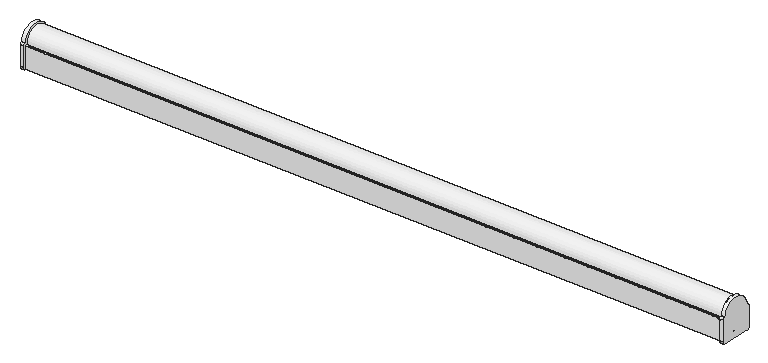
Revit family "0045181 Feilo Sylvania Lighting Fixture SYLBATTEN LED8 WW TP3", category Lighting Fixtures, host Face, Revit 2017
Family settings
  Host = Face
  Round Connector Dimension = Use Diameter
  Part Type = Normal
  OmniClass Number = 23.80.70.00
  OmniClass Title = Lighting
  Cut with Voids When Loaded = No
  Light Source = Yes
  Shared = No
  Room Calculation Point = No
Parameters (values of type "0045181 SYLBATTEN LED8 WW TP3")
  Width_FEILO = 66 mm
  Weight = "3.112 kg"
  Wattage Comments = "n/a"
  Wattage = 79 W
  WarrantyStartDate [instance] = "n/a"
  WarrantyGuarantorParts = "n/a"
  WarrantyDurationUnit = "n/a"
  WarrantyDurationParts = "n/a"
  WarrantyDescription = "n/a"
  built-in parameter 1150110 = 1 (stored number, unit not read)
  Voltage = 230 V
  URL = "http://www.sylvania-lighting.com"
  TypeName = "SYLBATTEN LED8 WW TP3"
  Type Image = <None>
  Type Comments = "n/a"
  built-in parameter 1114217 = 1 (stored number, unit not read)
  Tilt Angle = -90.00°
  built-in parameter 1150109 = 1 (stored number, unit not read)
  built-in parameter 1150134 = (empty or 0)
  SymReflector_FEILO = no
  built-in parameter 1150113 = 1 (stored number, unit not read)
  SerialNumber [instance] = "n/a"
  PowerFactor = 0
  PowerConsumption = "79 W"
  Photometric Web File = "0045181.ies"
  NominalLength = 1505 mm
  NominalHeight = 76 mm
  NominalDepth = 66 mm
  Name = "SYLBATTEN LED8 WW TP3"
  ModelReference = Name  # "SYLBATTEN LED8 WW TP3"
  ModelNumber = "0045181"
  Model = Name  # "SYLBATTEN LED8 WW TP3"
  Material_4_FEILO = Reflector-Sylvania-Sylbatten-White
  Material_3_FEILO = Diffuser-Sylvania-Sylbatten-Glow
  Material_2_FEILO = Body-Sylvania-Sylbatten-White
  Material_1_FEILO = Body-Sylvania-Sylbatten-White
  Material = "sheet steel housing, polycarbonate diffuser"
  ManufacturerName = "Feilo Sylvania"
  Manufacturer = "Feilo Sylvania"
  LuminousEfficacy = "91.89 lm/W"
  built-in parameter 1150105 = 577.68 (stored number, unit not read)
  Lumens = 7259.31 lm
  LuminaireType = ""
  built-in parameter 1150115 = 1 (stored number, unit not read)
  LightOutputRatio = "100"
  built-in parameter 1150137 = (empty or 0)
  built-in parameter 1150139 = (empty or 0)
  Length_FEILO = 1505 mm
  LampsType = Lamp  # "LED"
  LampNominalLuminous = "7260 lm"
  LampMacAdamStep = "n/a"
  LampColourTemperature = "3000 K"
  LampColourRenderingIndex = "80"
  built-in parameter 1150112 = 1 (stored number, unit not read)
  built-in parameter 1150114 = 1 (stored number, unit not read)
  Lamp = "LED"
  Keynote = "16500"
  InstallationDate [instance] = "n/a"
  InputVoltage = "220-240V~"
  InputNominalFrequency = "n/a"
  built-in parameter 1150132 = (empty or 0)
  built-in parameter 1150102 = (empty or 0)
  built-in parameter 1150107 = 3000 (stored number, unit not read)
  built-in parameter 1150138 = (empty or 0)
  IngressProtection = "IP20"
  ImpactProtectionIndex = "IK07"
  built-in parameter 1150106 = 5.7768 (stored number, unit not read)
  IfcExportType = "IfcLightFixtureType"
  IfcExportAs = "IfcLightFixtureType"
  Height_FEILO = 76 mm
  ExpectedLife = 50000
  Emit from Rectangle Width = Length_FEILO - 16 mm  # 1489 mm
  Emit from Rectangle Length = Width_FEILO - 40 mm  # 26 mm
  Emit Shape Visible in Rendering = no
  ElectricShockClassification = "Class I"
  built-in parameter 1150104 = 8.5369 (stored number, unit not read)
  DurationUnit = "hours"
  DocumentationLiterature = "http://www.sylvania-lighting.com/product/en-int/products/0045181"
  DimmingControlOptions = "n/a"
  Dimming Lamp Color Temperature Shift = <None>
  Description = "LED batten, T8 replacement, ease of installation through 2 part push-in design of the housing (safety cable included), through wiring capability (TP3 = 3 core), sheet steel, 7260M, 79W, 92lm/W, 3000K, drive current: 450mA, CRI 80, 138° wide beam angle, electronic driver (non dimmable), IP20, IK07, 50,000 hrs (L70), (LxWxH) 1505x66x76mm, 5 step MacAdam ellipse, 3.7kg, white RAL 9016, Class 1, 220-240V, energy class: A++, A+, A."
  Default Elevation = 1219.2 mm
  CreatedOn = "1/25/2018"
  CreatedBy = ""
  Cost = 0
  Color Filter = 16777215
  built-in parameter 1114216 [instance] = (empty or 0)
  ClassificationValue = "EF_70_80"
  ClassificationName = "Uniclass2015"
  CapOffset_FEILO = 2 mm
  BarCode [instance] = "n/a"
  built-in parameter 1114218 = 1 (stored number, unit not read)
  BackReflector_FEILO = and(not(AsymReflector_FEILO), SymReflector_FEILO)  # no
  built-in parameter 1150133 = 10 (stored number, unit not read)
  FrontReflector_FEILO = or(AsymReflector_FEILO, SymReflector_FEILO)  # no
  AsymReflector_FEILO = no
  AssetType = "Fixed"
  AssetIdentifier [instance] = "n/a"
  Assembly Code = "D5020200"
  Apparent Load = 79 VA
Reference planes
  plane 1 "Center (Front/Back)": y = 0
  plane 2: z = 0
  plane 3 "Center (Left/Right)": x = 0
  plane 4: x = 752.5
  plane 5: x = -752.5
  plane 6: y = 33
  plane 7: y = -33
  plane 8: z = 76
  plane 9: z = 47
  plane 10: y = -29
  plane 11: y = 29
  plane 12: z = 20
  plane 13: z = 74
  plane 14: y = -31
  plane 15: y = -27
  plane 16: y = 27
  plane 17: y = 31
  plane 18: z = 2
  plane 19: x = -744.5
  plane 20: x = 744.5
  plane 21: z = 49
  plane 22: y = 1
  plane 23: y = -1
  plane 24: z = 21
  plane 25: z = 19
  plane 26: y = -61
  plane 27: y = 61
  plane 28: y = -56
  plane 29: y = 56
  plane 30: z = 91
  plane 31: z = 88
Forms (mm)
  Extrusion 1, solid, material "Body-Sylvania-Sylbatten-White" <- "Material_2_FEILO"
    sketch origin (0, 0, 0) x (0, 1, 0) y (0, 0, 1)
      loop
        line (-31, 2) -> (31, 2) -> (31, 45)
        arc (31, 45) -> (30.414, 46.414) -> (29, 47) r 2
        line (29, 47) -> (27, 47)
        arc (27, 47) -> (0, 74) -> (-27, 47) r 27
        line (-27, 47) -> (-29, 47)
        arc (-29, 47) -> (-30.414, 46.414) -> (-31, 45) r 2
        line (-31, 45) -> (-31, 2)
    from -744.5 to 744.5
  Extrusion 2, solid, material "Body-Sylvania-Sylbatten-White" <- "Material_2_FEILO"
    sketch origin (752.5, 1524, 1219.2) x (0, 1, 0) y (0, 0, 1)
      loop
        arc (-1494, -1219.2) -> (-1491.879, -1218.321) -> (-1491, -1216.2) r 3
        line (-1491, -1216.2) -> (-1491, -1173.2)
        arc (-1491, -1173.2) -> (-1491.879, -1171.079) -> (-1494, -1170.2) r 3
        line (-1494, -1170.2) -> (-1495.069, -1170.2)
        arc (-1495.069, -1170.2) -> (-1524, -1143.2) -> (-1552.931, -1170.2) r 29
        line (-1552.931, -1170.2) -> (-1554, -1170.2)
        arc (-1554, -1170.2) -> (-1556.121, -1171.079) -> (-1557, -1173.2) r 3
        line (-1557, -1173.2) -> (-1557, -1216.2)
        arc (-1557, -1216.2) -> (-1556.121, -1218.321) -> (-1554, -1219.2) r 3
        line (-1554, -1219.2) -> (-1494, -1219.2)
      loop
        arc (-1525, -1189.25) -> (-1531.071, -1192.129) -> (-1533.95, -1198.2) r 10
        line (-1533.95, -1198.2) -> (-1532.944, -1198.2)
        arc (-1532.944, -1198.2) -> (-1530.364, -1192.836) -> (-1525, -1190.256) r 9
        line (-1525, -1190.256) -> (-1525, -1189.25)
      loop
        arc (-1523, -1190.256) -> (-1517.636, -1192.836) -> (-1515.056, -1198.2) r 9
        line (-1515.056, -1198.2) -> (-1514.05, -1198.2)
        arc (-1514.05, -1198.2) -> (-1516.929, -1192.129) -> (-1523, -1189.25) r 10
        line (-1523, -1189.25) -> (-1523, -1190.256)
      loop
        line (-1532.944, -1200.2) -> (-1533.95, -1200.2)
        arc (-1533.95, -1200.2) -> (-1531.071, -1206.271) -> (-1525, -1209.15) r 10
        line (-1525, -1209.15) -> (-1525, -1208.144)
        arc (-1525, -1208.144) -> (-1530.364, -1205.564) -> (-1532.944, -1200.2) r 9
      loop
        arc (-1515.056, -1200.2) -> (-1517.636, -1205.564) -> (-1523, -1208.144) r 9
        line (-1523, -1208.144) -> (-1523, -1209.15)
        arc (-1523, -1209.15) -> (-1516.929, -1206.271) -> (-1514.05, -1200.2) r 10
        line (-1514.05, -1200.2) -> (-1515.056, -1200.2)
    from 0 to -8
  Extrusion 3, solid, material "Body-Sylvania-Sylbatten-White" <- "Material_2_FEILO"
    sketch origin (-752.5, 1524, 1219.2) x (0, 1, 0) y (0, 0, 1)
      loop
        arc (-1495.069, -1170.2) -> (-1524, -1143.2) -> (-1552.931, -1170.2) r 29
        line (-1552.931, -1170.2) -> (-1554, -1170.2)
        arc (-1554, -1170.2) -> (-1556.121, -1171.079) -> (-1557, -1173.2) r 3
        line (-1557, -1173.2) -> (-1557, -1216.2)
        arc (-1557, -1216.2) -> (-1556.121, -1218.321) -> (-1554, -1219.2) r 3
        line (-1554, -1219.2) -> (-1494, -1219.2)
        arc (-1494, -1219.2) -> (-1491.879, -1218.321) -> (-1491, -1216.2) r 3
        line (-1491, -1216.2) -> (-1491, -1173.2)
        arc (-1491, -1173.2) -> (-1491.879, -1171.079) -> (-1494, -1170.2) r 3
        line (-1494, -1170.2) -> (-1495.069, -1170.2)
      loop
        line (-1533.95, -1198.2) -> (-1532.944, -1198.2)
        arc (-1532.944, -1198.2) -> (-1530.364, -1192.836) -> (-1525, -1190.256) r 9
        line (-1525, -1190.256) -> (-1525, -1189.25)
        arc (-1525, -1189.25) -> (-1531.071, -1192.129) -> (-1533.95, -1198.2) r 10
      loop
        line (-1523, -1189.25) -> (-1523, -1190.256)
        arc (-1523, -1190.256) -> (-1517.636, -1192.836) -> (-1515.056, -1198.2) r 9
        line (-1515.056, -1198.2) -> (-1514.05, -1198.2)
        arc (-1514.05, -1198.2) -> (-1516.929, -1192.129) -> (-1523, -1189.25) r 10
      loop
        line (-1514.05, -1200.2) -> (-1515.056, -1200.2)
        arc (-1515.056, -1200.2) -> (-1517.636, -1205.564) -> (-1523, -1208.144) r 9
        line (-1523, -1208.144) -> (-1523, -1209.15)
        arc (-1523, -1209.15) -> (-1516.929, -1206.271) -> (-1514.05, -1200.2) r 10
      loop
        line (-1525, -1209.15) -> (-1525, -1208.144)
        arc (-1525, -1208.144) -> (-1530.364, -1205.564) -> (-1532.944, -1200.2) r 9
        line (-1532.944, -1200.2) -> (-1533.95, -1200.2)
        arc (-1533.95, -1200.2) -> (-1531.071, -1206.271) -> (-1525, -1209.15) r 10
    from 0 to 8
  Extrusion 4, solid, material "Reflector-Sylvania-Sylbatten-White" <- "Material_4_FEILO", visible <- "FrontReflector_FEILO"
    sketch origin (0, 0, 0) x (0, 1, 0) y (0, 0, 1)
      loop
        line (-61.257, 88.429) -> (-60.743, 87.571) -> (-56.621, 90.044)
        arc (-56.621, 90.044) -> (-56.237, 90.099) -> (-55.929, 89.863) r 0.5
        line (-55.929, 89.863) -> (-31.435, 46.753) -> (-30.565, 47.247) -> (-55.312, 90.802)
        arc (-55.312, 90.802) -> (-55.928, 91.275) -> (-56.696, 91.165) r 1
        line (-56.696, 91.165) -> (-61.257, 88.429)
    from -744.5 to 744.5
  Extrusion 5, solid, material "Reflector-Sylvania-Sylbatten-White" <- "Material_4_FEILO", visible <- "BackReflector_FEILO"
    sketch origin (0, 0, 0) x (0, 1, 0) y (0, 0, 1)
      loop
        line (30.565, 47.247) -> (31.435, 46.753) -> (55.932, 89.868)
        arc (55.932, 89.868) -> (56.245, 90.112) -> (56.638, 90.062) r 0.518
        line (56.638, 90.062) -> (61.033, 87.565) -> (61.527, 88.435) -> (56.682, 91.188)
        arc (56.682, 91.188) -> (55.922, 91.282) -> (55.318, 90.812) r 1
        line (55.318, 90.812) -> (30.565, 47.247)
    from -744.5 to 744.5
Lines and regions (mm)
  reference lines
    curve 1: line (0, -61, 88) -> (0, -56, 91)
    curve 2: line (0, -56, 91) -> (0, -31, 47)
    curve 3: line (0, 31, 47) -> (0, 56, 91)
    curve 4: line (0, 56, 91) -> (0, 61.28, 88)
Dimensions and locks
  equal spacing: plane 5, plane 3 "Center (Left/Right)", plane 4
  equal spacing: plane 7, plane 1 "Center (Front/Back)", plane 6
  "Width_FEILO": plane 7 to plane 6
  "Length_FEILO": plane 5 to plane 4
  "Height_FEILO": plane 8 to plane 2
  locked: plane 9 to plane 8 at 29
  equal spacing: plane 10, plane 1 "Center (Front/Back)", plane 11
  locked: plane 7 to plane 10 at 4
  locked: plane 12 to plane 2 at 20
  "CapOffset_FEILO": plane 13 to plane 8
  "CapOffset_FEILO": plane 7 to plane 14
  "CapOffset_FEILO": plane 10 to plane 15
  "CapOffset_FEILO": plane 17 to plane 6
  "CapOffset_FEILO": plane 16 to plane 11
  "CapOffset_FEILO": plane 18 to plane 2
  locked: plane 14 to Extrusion 1 sketch curve at 2
  locked: Extrusion 1 sketch curve to plane 9 at 2  (x2)
  locked: plane 16 to Extrusion 1 sketch curve at 2
  equal spacing: plane 19, plane 3 "Center (Left/Right)", plane 20
  locked: plane 5 to plane 19 at 8
  "CapOffset_FEILO": plane 9 to plane 21
  locked: Extrusion 2 sketch curve to plane 2 at 47
  locked: Extrusion 1 sketch curve to plane 2 at 47
  locked: Extrusion 2 sketch curve to plane 2 at 3  (x2)
  locked: plane 7 to Extrusion 2 sketch curve at 3  (x2)
  locked: Extrusion 2 sketch curve to plane 6 at 3  (x2)
  locked: Extrusion 2 sketch curve to plane 21 at 3  (x2)
  equal spacing: plane 23, plane 1 "Center (Front/Back)", plane 22
  equal spacing: plane 25, plane 12, plane 24
  plane 30 to plane 31 to plane 2 = 3 mm locked, 88 mm locked
  plane 28 to plane 29 = 112 mm
  plane 26 to plane 27 = 122 mm
  aligned and locked: plane 2 to host face
  aligned and locked: level to host face
  aligned and locked: plane 18 to Extrusion 1 sketch curve
  aligned and locked: plane 14 to Extrusion 1 sketch curve
  aligned and locked: Extrusion 1 sketch curve to plane 9  (x2)
  aligned and locked: Extrusion 1 sketch curve to plane 17
  aligned and locked: plane 15 to Extrusion 1 sketch curve
  aligned and locked: plane 16 to Extrusion 1 sketch curve
  aligned and locked: plane 9 to Extrusion 1 sketch curve
  aligned and locked: plane 20 to Extrusion 1
  aligned and locked: level to Extrusion 2 sketch curve
  aligned and locked: Extrusion 2 sketch curve to plane 7
  aligned and locked: plane 21 to Extrusion 2 sketch curve
  aligned and locked: Extrusion 2 sketch curve to plane 21
  aligned and locked: plane 1 "Center (Front/Back)" to Extrusion 2 sketch curve  (x3)
  aligned and locked: Extrusion 2 to Extrusion 1
  aligned and locked: plane 4 to Extrusion 2
  aligned and locked: plane 12 to Extrusion 2 sketch curve  (x2)
  aligned and locked: Extrusion 2 sketch curve to plane 22
  aligned and locked: Extrusion 2 sketch curve to plane 23
  aligned and locked: Extrusion 2 sketch curve to plane 24
  aligned and locked: Extrusion 2 sketch curve to plane 25
  aligned and locked: plane 25 to Extrusion 2 sketch curve
  aligned and locked: plane 22 to Extrusion 2 sketch curve
  aligned and locked: plane 24 to Extrusion 2 sketch curve
  aligned and locked: plane 23 to Extrusion 2 sketch curve  (x2)
  aligned and locked: Extrusion 3 sketch curve to Extrusion 2  (x22)
  aligned and locked: Extrusion 3 to Extrusion 1
  aligned and locked: Extrusion 3 to plane 5
  aligned and locked: plane 19 to Extrusion 3
  aligned and locked: plane 31 to curve 1
  aligned and locked: plane 30 to curve 1
  aligned and locked: plane 14 to curve 2
  aligned and locked: plane 9 to curve 2
  aligned and locked: plane 17 to curve 3
  aligned and locked: plane 30 to curve 3
  aligned and locked: plane 31 to curve 4
  aligned and locked: Extrusion 4 sketch curve to curve 2
  aligned and locked: Extrusion 4 sketch curve to curve 1
  aligned and locked: Extrusion 4 to Extrusion 1
  aligned and locked: Extrusion 1 to Extrusion 4
  aligned and locked: imposter light to plane 1 "Center (Front/Back)"
  aligned and locked: imposter light to plane 3 "Center (Left/Right)"
  aligned and locked: imposter light to plane 13
  aligned and locked: Extrusion 5 sketch curve to curve 4
  aligned and locked: Extrusion 5 sketch curve to curve 3
  aligned and locked: Extrusion 1 to Extrusion 5
  aligned and locked: Extrusion 5 to Extrusion 1
Automatic sketch dimensions
  host sketch curve to host sketch curve = 2438.4 mm  (x2)
  Extrusion 2 sketch curve to Extrusion 2 sketch curve = 0 mm  (x14)
  Extrusion 2 sketch curve to plane 10 = 0.069 mm
  plane 23 to Extrusion 2 sketch curve = 8.95 mm
  Extrusion 2 sketch curve to Extrusion 2 sketch curve = 1.006 mm  (x4)
  Extrusion 2 sketch curve to plane 22 = 7.944 mm
  curve 1 to plane 26 = 0 mm
  curve 2 to plane 28 = 0 mm
  curve 4 to plane 29 = 0 mm
  plane 9 to curve 3 = 0 mm
  plane 26 to Extrusion 4 sketch curve = 0.257 mm
  Extrusion 4 sketch curve to plane 26 = 0.257 mm
  Extrusion 4 sketch curve to plane 30 = 0.165 mm
  plane 28 to Extrusion 4 sketch curve = 0.696 mm
  plane 28 to Extrusion 4 sketch curve = 0.621 mm
  plane 28 to Extrusion 4 sketch curve = 0.364 mm
  plane 28 to Extrusion 4 sketch curve = 0.182 mm
  Extrusion 4 sketch curve to plane 28 = 0.071 mm
  plane 30 to Extrusion 4 sketch curve = 0.198 mm
  Extrusion 4 sketch curve to plane 28 = 0.688 mm
  plane 9 to Extrusion 4 sketch curve = 0.247 mm
  plane 1 "Center (Front/Back)" to Extrusion 4 sketch curve = 31.435 mm
  Extrusion 5 sketch curve to plane 9 = 0.247 mm
  Extrusion 5 sketch curve to plane 1 "Center (Front/Back)" = 30.565 mm
  plane 9 to Extrusion 5 sketch curve = 0.247 mm
  plane 30 to Extrusion 5 sketch curve = 0.188 mm
  plane 29 to Extrusion 5 sketch curve = 0.068 mm
  Extrusion 5 sketch curve to plane 29 = 0.188 mm
  Extrusion 5 sketch curve to plane 29 = 0.382 mm
  Extrusion 5 sketch curve to Extrusion 5 sketch curve = 0.256 mm
  Extrusion 5 sketch curve to plane 30 = 0.188 mm
  Extrusion 5 sketch curve to plane 29 = 0.682 mm
  Extrusion 5 sketch curve to plane 27 = 0.033 mm
  Extrusion 5 sketch curve to plane 27 = 0.527 mm
Connectors
  electrical at (0, 0, 0), driven by "Apparent Load", driven by "PowerFactor", driven by "Voltage"
    settings: index 1, voltage 230 V, apparent load 79 VA, apparent load phase1 0 VA, apparent load phase2 0 VA, apparent load phase3 0 VA, power factor 0, load classification "Lighting", number of poles 1, system type 30, power factor state 1, is connector primary yes, connector utility no, sub classification motor no, connector description ""
